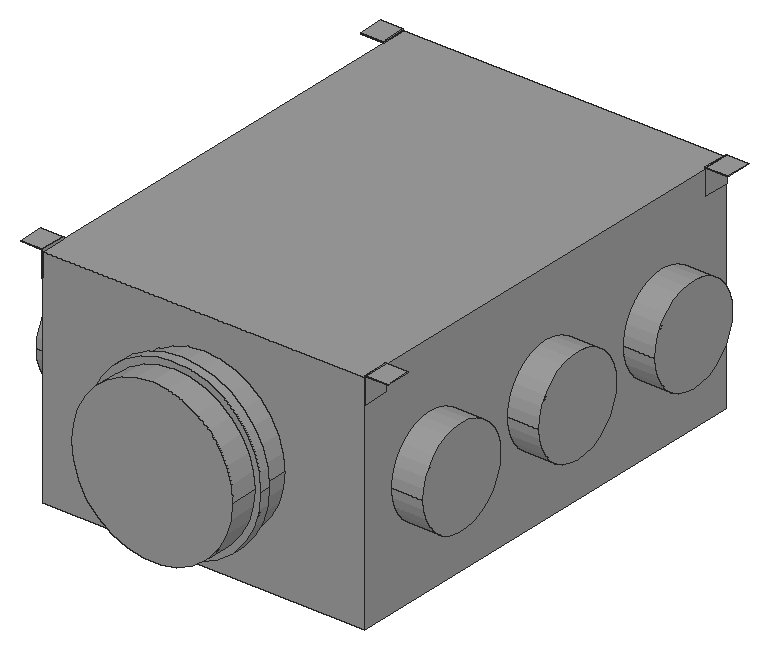
Revit family "SA_FASU(F8-150 250Φ)", category ダクト付属品, Revit 2020
Family settings
  丸型コネクタ寸法 = 直径を使用
  パーツ タイプ = ダンパー
  OmniClass 番号 = 23.75.00.00
  OmniClass タイトル = Climate Control (HVAC)
  作業面ベース = いいえ
  常に垂直 = はい
  ロード時にボイドで切り取り = いいえ
  共有 = いいえ
Parameters
  高さ = 350 mm
  風量 = 0.0 L/s
  符号 = "FASU"
  形式 = "F8-150 250φ"
  幅 [instance] = 500 mm
  奥行き = 700 mm
  大きさ = 250 mm
  呼称 = "FASUチャンバー"
  付属品_下端レベル [instance] = 0 mm
  マテリアル [instance] = 既定値
  ダクト_イン = 250 mm
  ダクト_アウト = 150 mm
  既定の高さ = 0 mm
Reference planes
  plane 1 "中心(正面/背面)": y = 0
  plane 2: z = 0
  plane 3 "中心(左/右)": x = 0
  plane 4: x = -250
  plane 5: x = 250
  plane 6: y = -700
  plane 7: z = 350
  plane 8: z = 175
  plane 9: z = 266.963
  plane 10: z = 86.159
  plane 11: x = -251
  plane 12: z = 313.122
  plane 13: z = 352.122
  plane 14: y = -350
Forms (mm)
  Extrusion 1, solid, material "既定値" <- "マテリアル"
    sketch origin (0, 0, 0) x (1, 0, 0) y (0, 1, 0)
      loop
        line (-250, 0) -> (-250, -700) -> (250, -700) -> (250, 0) -> (-250, 0)
    from 0 to 350
  Extrusion 2, solid, material "既定値" <- "マテリアル"
    sketch origin (0, -30, 0) x (1, 0, 0) y (0, 1, 0)
      loop
        line (-250, 30) -> (-251, 30) -> (-251, -10) -> (-250, -10) -> (-250, 30)
    from 313.122 to 350
  Extrusion 3, solid, material "既定値" <- "マテリアル"
    sketch origin (0, -30, 0) x (1, 0, 0) y (0, 1, 0)
      loop
        line (-285, 30) -> (-285, -10) -> (-251, -10) -> (-251, 30) -> (-285, 30)
    from 352.122 to 350
  Extrusion 4, solid, material "既定値" <- "マテリアル"
    sketch origin (0, -30, 0) x (-1, 0, 0) y (0, -1, 0)
      loop
        line (-250, -30) -> (-250, 10) -> (-251, 10) -> (-251, -30) -> (-250, -30)
    from 313.122 to 353.122
  Extrusion 5, solid, material "既定値" <- "マテリアル"
    sketch origin (0, -30, 0) x (-1, 0, 0) y (0, -1, 0)
      loop
        line (-285, -30) -> (-251, -30) -> (-251, 10) -> (-285, 10) -> (-285, -30)
    from 352.122 to 353.122
  Extrusion 6, solid, material "既定値" <- "マテリアル"
    sketch origin (0, -490, 0) x (1, 0, 0) y (0, 1, 0)
      loop
        line (-285, -170) -> (-285, -210) -> (-251, -210) -> (-251, -170) -> (-285, -170)
    from 352.122 to 353.122
  Extrusion 7, solid, material "既定値" <- "マテリアル"
    sketch origin (0, -490, 0) x (1, 0, 0) y (0, 1, 0)
      loop
        line (-250, -170) -> (-251, -170) -> (-251, -210) -> (-250, -210) -> (-250, -170)
    from 313.122 to 353.122
  Extrusion 8, solid, material "既定値" <- "マテリアル"
    sketch origin (0, -490, 0) x (-1, 0, 0) y (0, -1, 0)
      loop
        line (-285, 170) -> (-251, 170) -> (-251, 210) -> (-285, 210) -> (-285, 170)
    from 352.122 to 353.122
  Extrusion 9, solid, material "既定値" <- "マテリアル"
    sketch origin (0, -490, 0) x (-1, 0, 0) y (0, -1, 0)
      loop
        line (-250, 170) -> (-250, 210) -> (-251, 210) -> (-251, 170) -> (-250, 170)
    from 313.122 to 353.122
  Extrusion 10, solid, material "既定値" <- "マテリアル"
    sketch origin (550, -582.5, 0) x (0, -1, 0) y (0, 0, -1)
      loop
        circle (-232.5, -175) r 74.985
    from -300 to -250
  Extrusion 11, solid, material "既定値" <- "マテリアル"
    sketch origin (-550, -582.5, 0) x (0, -1, 0) y (0, 0, 1)
      loop
        circle (-232.5, 175) r 74.985
    from -300 to -250
  Extrusion 12, solid, material "既定値" <- "マテリアル"
    sketch origin (550, -357.5, 0) x (0, -1, 0) y (0, 0, -1)
      loop
        circle (-232.5, -175) r 74.985
    from -300 to -250
  Extrusion 13, solid, material "既定値" <- "マテリアル"
    sketch origin (-550, -357.5, 0) x (0, -1, 0) y (0, 0, 1)
      loop
        circle (-232.5, 175) r 74.985
    from -300 to -250
  Extrusion 14, solid, material "既定値" <- "マテリアル"
    sketch origin (550, -142.5, 0) x (0, 1, 0) y (0, 0, 1)
      loop
        circle (-432.5, 175) r 74.985
    from -300 to -250
  Extrusion 15, solid, material "既定値" <- "マテリアル"
    sketch origin (0, -142.5, 0) x (0, 1, 0) y (0, 0, 1)
      loop
        circle (-432.5, 175) r 74.985
    from -300 to -250
  Extrusion 16, solid, material "既定値" <- "マテリアル"
    sketch origin (345.5, 300, 0) x (1, 0, 0) y (0, 0, -1)
      loop
        circle (-232.5, -175) r 74.985
    from -300 to -250
  Extrusion 17, solid, material "既定値" <- "マテリアル"
    sketch origin (-345.5, 300, 0) x (-1, 0, 0) y (0, 0, 1)
      loop
        circle (-232.5, 175) r 74.985
    from -300 to -250
  Extrusion 18, solid, material "既定値" <- "マテリアル"
    sketch origin (0, -230, 0) x (1, 0, 0) y (0, 0, 1)
      loop
        circle (0, 175) r 125
    from 470 to 512.5
  Extrusion 19, solid, material "既定値" <- "マテリアル"
    sketch origin (0, -230, 0) x (1, 0, 0) y (0, 0, 1)
      loop
        circle (0, 175) r 135
    from 512.5 to 527.5
  Extrusion 20, solid, material "既定値" <- "マテリアル"
    sketch origin (0, -317.5, 0) x (1, 0, 0) y (0, 0, 1)
      loop
        circle (0, 175) r 125
    from 440 to 482.5
Lines and regions (mm)
  model lines
    curve 1: line (-250, -30, 0) -> (250, -30, 0)
    curve 2: line (-250, -670, 0) -> (250, -670, 0)
Text (mm)
  text "FASU(F8-150 250Φ)" at (3.713, -630.412, 0), in view "参照レベル"
Dimensions and locks
  equal spacing: plane 4, plane 3 "中心(左/右)", plane 5
  "幅": plane 4 to plane 5
  "奥行き": plane 6 to plane 1 "中心(正面/背面)"
  "高さ": plane 7 to level
  equal spacing: plane 7, plane 8, level
  equal spacing: plane 6, plane 14, plane 1 "中心(正面/背面)"
  aligned and locked: level to plane 2
  aligned and locked: Extrusion 1 sketch curve to plane 5
  aligned and locked: plane 7 to Extrusion 1
  aligned and locked: Extrusion 2 sketch curve to Extrusion 1
  aligned and locked: plane 7 to Extrusion 2
  aligned and locked: Extrusion 3 sketch curve to Extrusion 2
  aligned and locked: Extrusion 2 to Extrusion 3 sketch curve
  aligned and locked: plane 7 to Extrusion 3
  aligned and locked: Extrusion 3 to plane 13
  aligned and locked: Extrusion 4 to Extrusion 5 sketch curve
  aligned and locked: Extrusion 5 sketch curve to Extrusion 4
  aligned and locked: Extrusion 1 to Extrusion 8
  aligned and locked: Extrusion 6 to Extrusion 1
  aligned and locked: Extrusion 7 to Extrusion 1
  aligned and locked: Extrusion 1 to Extrusion 9
  aligned and locked: Extrusion 9 to Extrusion 8
  aligned and locked: Extrusion 7 to Extrusion 6
  aligned and locked: plane 4 to Extrusion 7
  aligned and locked: Extrusion 9 to plane 5
  aligned and locked: plane 4 to curve 1
  aligned and locked: plane 5 to curve 1
  aligned and locked: plane 5 to curve 2
  aligned and locked: Extrusion 1 to Extrusion 3
  aligned and locked: Extrusion 5 to Extrusion 1
  aligned and locked: Extrusion 4 to plane 5
  aligned and locked: Extrusion 1 to plane 6
  aligned and locked: Extrusion 1 to plane 1 "中心(正面/背面)"
  aligned and locked: Extrusion 12 to plane 5
  aligned and locked: plane 4 to Extrusion 13
  aligned and locked: Extrusion 14 to plane 5
  aligned and locked: plane 4 to Extrusion 15
  aligned and locked: plane 1 "中心(正面/背面)" to Extrusion 16
  aligned and locked: plane 1 "中心(正面/背面)" to Extrusion 17
  aligned and locked: Extrusion 19 to Extrusion 20
  aligned and locked: Extrusion 19 to Extrusion 18
  aligned and locked: plane 6 to Extrusion 18
Automatic sketch dimensions
  Extrusion 10 sketch curve to plane 8 = 0 mm
  Extrusion 10 sketch curve to plane 14 = 0 mm
  Extrusion 11 sketch curve to plane 8 = 0 mm
  Extrusion 11 sketch curve to plane 14 = 0 mm
  Extrusion 16 sketch curve to plane 8 = 0 mm
  plane 3 "中心(左/右)" to Extrusion 16 sketch curve = 113 mm
  Extrusion 17 sketch curve to plane 8 = 0 mm
  Extrusion 17 sketch curve to plane 3 "中心(左/右)" = 113 mm
  curve 2 to plane 4 = 0 mm
  plane 6 to curve 2 = 30 mm
  plane 1 "中心(正面/背面)" to curve 1 = 30 mm
  Extrusion 1 sketch curve to plane 4 = 0 mm
  Extrusion 1 sketch curve to plane 6 = 0 mm
  plane 1 "中心(正面/背面)" to Extrusion 1 sketch curve = 0 mm
  plane 1 "中心(正面/背面)" to Extrusion 2 sketch curve = 0 mm
  Extrusion 2 sketch curve to plane 11 = 0 mm
  Extrusion 2 sketch curve to Extrusion 2 sketch curve = 40 mm
  plane 1 "中心(正面/背面)" to Extrusion 3 sketch curve = 0 mm
  Extrusion 3 sketch curve to Extrusion 3 sketch curve = 34 mm
  plane 1 "中心(正面/背面)" to Extrusion 4 sketch curve = 0 mm
  Extrusion 4 sketch curve to plane 5 = 0 mm
  Extrusion 4 sketch curve to Extrusion 4 sketch curve = 1 mm
  Extrusion 4 sketch curve to Extrusion 4 sketch curve = 40 mm
  plane 1 "中心(正面/背面)" to Extrusion 5 sketch curve = 0 mm
  Extrusion 5 sketch curve to Extrusion 5 sketch curve = 34 mm
  Extrusion 6 sketch curve to plane 6 = 0 mm
  Extrusion 6 sketch curve to plane 11 = 0 mm
  Extrusion 6 sketch curve to plane 11 = 34 mm
  plane 6 to Extrusion 6 sketch curve = 40 mm
  Extrusion 7 sketch curve to plane 11 = 0 mm
  Extrusion 7 sketch curve to plane 4 = 0 mm
  Extrusion 7 sketch curve to plane 6 = 0 mm
  plane 6 to Extrusion 7 sketch curve = 40 mm
  Extrusion 8 sketch curve to plane 6 = 0 mm
  Extrusion 8 sketch curve to plane 5 = 35 mm
  Extrusion 8 sketch curve to plane 5 = 1 mm
  Extrusion 8 sketch curve to Extrusion 8 sketch curve = 40 mm
  Extrusion 9 sketch curve to plane 6 = 0 mm
  Extrusion 9 sketch curve to plane 5 = 0 mm
  Extrusion 9 sketch curve to Extrusion 9 sketch curve = 1 mm
  Extrusion 9 sketch curve to Extrusion 9 sketch curve = 40 mm
  Extrusion 12 sketch curve to plane 8 = 0 mm
  plane 1 "中心(正面/背面)" to Extrusion 12 sketch curve = 125 mm
  Extrusion 13 sketch curve to plane 8 = 0 mm
  plane 1 "中心(正面/背面)" to Extrusion 13 sketch curve = 125 mm
  Extrusion 14 sketch curve to plane 8 = 0 mm
  plane 6 to Extrusion 14 sketch curve = 125 mm
  Extrusion 15 sketch curve to plane 8 = 0 mm
  plane 6 to Extrusion 15 sketch curve = 125 mm
  Extrusion 18 sketch curve to plane 3 "中心(左/右)" = 0 mm
  Extrusion 18 sketch curve to plane 8 = 0 mm
  Extrusion 19 sketch curve to plane 3 "中心(左/右)" = 0 mm
  Extrusion 19 sketch curve to plane 8 = 0 mm
  Extrusion 20 sketch curve to plane 3 "中心(左/右)" = 0 mm
  Extrusion 20 sketch curve to plane 8 = 0 mm
  radius of Extrusion 10 sketch curve = 74.985 mm
  radius of Extrusion 11 sketch curve = 74.985 mm
  radius of Extrusion 16 sketch curve = 74.985 mm
  radius of Extrusion 17 sketch curve = 74.985 mm
  radius of Extrusion 12 sketch curve = 74.985 mm
  radius of Extrusion 13 sketch curve = 74.985 mm
  radius of Extrusion 14 sketch curve = 74.985 mm
  radius of Extrusion 15 sketch curve = 74.985 mm
  radius of Extrusion 18 sketch curve = 125 mm
  radius of Extrusion 19 sketch curve = 135 mm
  radius of Extrusion 20 sketch curve = 125 mm
Connectors
  hvac at (-300, -575, 175), driven by "ダクト_アウト"
    settings: on Extrusion 15, index 1, duct flow 0.0 L/s, flow factor 0, pres drop 0.0 Pa, loss coef 0, conn angle 0.00°, conn width 304.8 mm, conn height 304.8 mm, conn diameter 150 mm, duct sys type 29, conn prof type 0, flow config 0, flow direction 2, loss method 0, conn ref index -1, conn util no, is conn primary yes, conn desc ""
  hvac at (-300, -350, 175), driven by "ダクト_アウト"
    settings: on Extrusion 11, index 2, duct flow 0.0 L/s, flow factor 0, pres drop 0.0 Pa, loss coef 0, conn angle 0.00°, conn width 304.8 mm, conn height 304.8 mm, conn diameter 150 mm, duct sys type 29, conn prof type 0, flow config 0, flow direction 2, loss method 0, conn ref index -1, conn util no, is conn primary no, conn desc ""
  hvac at (-300, -125, 175), driven by "ダクト_アウト"
    settings: on Extrusion 13, index 3, duct flow 0.0 L/s, flow factor 0, pres drop 0.0 Pa, loss coef 0, conn angle 0.00°, conn width 304.8 mm, conn height 304.8 mm, conn diameter 150 mm, duct sys type 29, conn prof type 0, flow config 0, flow direction 2, loss method 0, conn ref index -1, conn util no, is conn primary no, conn desc ""
  hvac at (-113, 50, 175), driven by "ダクト_アウト"
    settings: on Extrusion 17, index 4, duct flow 0.0 L/s, flow factor 0, pres drop 0.0 Pa, loss coef 0, conn angle 0.00°, conn width 304.8 mm, conn height 304.8 mm, conn diameter 150 mm, duct sys type 29, conn prof type 0, flow config 0, flow direction 2, loss method 0, conn ref index -1, conn util no, is conn primary no, conn desc ""
  hvac at (113, 50, 175), driven by "ダクト_アウト"
    settings: on Extrusion 16, index 5, duct flow 0.0 L/s, flow factor 0, pres drop 0.0 Pa, loss coef 0, conn angle 0.00°, conn width 304.8 mm, conn height 304.8 mm, conn diameter 150 mm, duct sys type 29, conn prof type 0, flow config 0, flow direction 2, loss method 0, conn ref index -1, conn util no, is conn primary no, conn desc ""
  hvac at (300, -125, 175), driven by "ダクト_アウト"
    settings: on Extrusion 12, index 6, duct flow 0.0 L/s, flow factor 0, pres drop 0.0 Pa, loss coef 0, conn angle 0.00°, conn width 304.8 mm, conn height 304.8 mm, conn diameter 150 mm, duct sys type 29, conn prof type 0, flow config 0, flow direction 2, loss method 0, conn ref index -1, conn util no, is conn primary no, conn desc ""
  hvac at (300, -350, 175), driven by "ダクト_アウト"
    settings: on Extrusion 10, index 7, duct flow 0.0 L/s, flow factor 0, pres drop 0.0 Pa, loss coef 0, conn angle 0.00°, conn width 304.8 mm, conn height 304.8 mm, conn diameter 150 mm, duct sys type 29, conn prof type 0, flow config 0, flow direction 2, loss method 0, conn ref index -1, conn util no, is conn primary no, conn desc ""
  hvac at (300, -575, 175), driven by "ダクト_アウト"
    settings: on Extrusion 14, index 8, duct flow 0.0 L/s, flow factor 0, pres drop 0.0 Pa, loss coef 0, conn angle 0.00°, conn width 304.8 mm, conn height 304.8 mm, conn diameter 150 mm, duct sys type 29, conn prof type 0, flow config 0, flow direction 2, loss method 0, conn ref index -1, conn util no, is conn primary no, conn desc ""
  hvac at (0, -800, 175), driven by "ダクト_イン"
    settings: on Extrusion 20, index 18, duct flow 0.0 L/s, flow factor 0, pres drop 0.0 Pa, loss coef 0, conn angle 0.00°, conn width 304.8 mm, conn height 304.8 mm, conn diameter 250 mm, duct sys type 29, conn prof type 0, flow config 0, flow direction 1, loss method 0, conn ref index -1, conn util no, is conn primary no, conn desc ""
